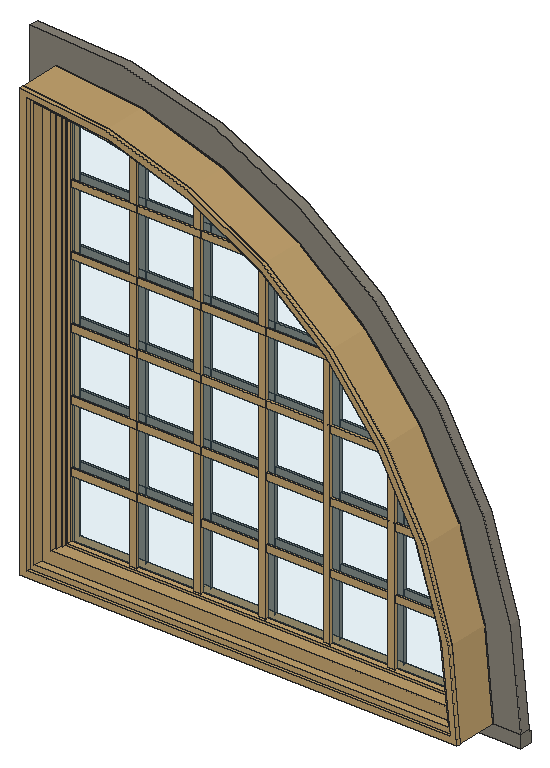
Revit family
Parameters (values of type "CUCART7")
  Window Type = "Clad Ultimate Casement Round Top RT7"
  URL = "www.marvin.com"
  Subsill Height_2 = if(Subsill A217, 0' 1 11/32", 0' 0 9/16")  # 0' - 1 11/32"
  Subsill Height = if(Subsill A217 Visibility, 0' 1 11/32", if(Subsill A246 Visibility, 0' 0 9/16", 0' 0"))  # 0' - 1 11/32"
  Subsill A246 Visibility = and(Subsill Visibility, Subsill A246)  # no
  Subsill A217 Visibility = and(Subsill Visibility, Subsill A217)  # yes
  Plan Swing Visibility [instance] = yes
  Plan Swing Angle [instance] = 15.00°
  Muntins Interior Visibility = yes
  Muntins Interior Material = Wood-Marvin-Pine
  Muntins Exterior Visibility = yes
  Muntins Exterior Material = Aluminum-Marvin-Bronze
  Mask Offset [instance] = if(Inset to Installation Flange = 0' 1 3/32", 0' 0 1/32", 0' 0")  # 0' - 0"
  Lites Wide = 6
  Lites High = 6
  Interior Material = Wood-Marvin-Pine
  Frame = "Aluminum Clad"
  Flat Casing Visibility = and(Casing Visibility, Flat Casing)  # yes
  Elev Swing Visibility [instance] = yes
  Design Pressure = "DP50"
  Daylight Area = (3.1416 * DLO Radius ^ 2) / 4 - (0' 2 29/32" * DLO Width)  # 10.2393 SF
  Cladding Material = Aluminum-Marvin-Bronze
  Casing Width_2 = if(BMC, 0' 1 5/16", 0' 3")  # 0' - 3"
  Casing Visibility = yes
  Subsill Visibility = yes
  BMC Visibility = and(Casing Visibility, BMC)  # no
  BMC = no
  Flat Casing = not(BMC)  # yes
  Subsill A246 = no
  Subsill A217 = not(Subsill A246)  # yes
  Glazing Material = Glass-Marvin-IG Low E II with Argon
  Radius = Nominal Height  # 4' - 0"
  Nominal Width = 4' - 0"
  Nominal Height = Nominal Width  # 4' - 0"
  Model = "CUCART7"
  Mask [instance] = Inset to Installation Flange > 0' 1 3/32"  # no
  Manufacturer = "Marvin Windows and Doors"
  Label Visibility = no
  Glass Type = "IG Low E II with Argon"
  Family created by = "www.rbuiltcomponents.com"
  Rough Width = Width + 0' 1"  # 4' - 1"
  Rough Height = Height + 0' 0 1/2"  # 4' - 0 1/2"
  Jamb Extension Visibility = yes
  Inset to Installation Flange [instance] = 0' - 1"
  Height = Nominal Height  # 4' - 0"
  Description = "CSMT RT7"
  Default Head Height = 8' - 0"
  Wall Closure = (empty or 0)
  Width = Nominal Width  # 4' - 0"
  DLO Radius = Radius - 0' 2 29/32"  # 3' - 9 3/32"
  DLO Width = Width - 0' 5 13/16"  # 3' - 6 3/16"
  DLO Height = Height - 0' 5 13/16"  # 3' - 6 3/16"
  Casing Width = if(BMC Visibility, 0' 1 5/16", if(Flat Casing Visibility, 0' 3", 0' 0"))  # 0' - 3"
  Casing Radius = Radius + Casing Width  # 4' - 3"
  Assembly Code = ""
Reference planes (in)
  plane 1 "Center (Front/Back)": y = 0
  plane 2: z = 0
  plane 3 "Center (Left/Right)": x = -3
  plane 4 "Left": x = -27
  plane 5 "Right": x = 21
  plane 6 "Sill": z = 48
  plane 7 "Top": z = 96
  plane 8 "Inset": y = 2
  plane 9 "Glazing": y = 1.53125
  plane 10 "Jamb Ext Face": y = -2.5625
  plane 11: z = 72
  plane 12: y = -2.59375
Forms (in)
  Sweep 1, solid, material "Wood-Marvin-Pine"
    path origin (0, 2, 0) x (1, 0, 0) y (0, 0, 1)
      loop
        line (-27, 48) -> (21, 48)
        arc (21, 48) -> (6.94113, 81.94113) -> (-27, 96) r 48
        line (-27, 96) -> (-27, 48)
    profile "Profile_Ext_Clad_Frame : Profile_Ext_Clad_Frame" origin (-3, 2, 48) x (0, 0, 1) y (0, -1, 0)
      loop
        line (0, 4.56199) -> (0, 0.0625) -> (0.0625, 0.0625) -> (0.0625, 0) -> (0, 0) -> (0, -1.09401) -> (0.52105, -1.09401) -> (0.6063, 0.125) -> (2.696, 0.125) -> (2.696, 0.22017) -> (2.90625, 0.43042) -> (2.90625, 0.47297) -> (2.208, 0.47297) -> (2.208, 1.50299) -> (2.90625, 1.50299) -> (2.90625, 1.66374) -> (2.677, 1.89299) -> (2.677, 2) -> (2.5005, 2) -> (2.5005, 2.34399) -> (2.313, 2.34399) -> (2.313, 2.87449) -> (2.1255, 2.87449) -> (2.1255, 3.53074) -> (1.188, 3.53074) -> (1.188, 4.56199) -> (0, 4.56199)
  Extrusion 2, solid, material "Glass-Marvin-IG Low E II with Argon" <- "Glazing Material"
    sketch origin (0, 1.53125, 0) x (1, 0, 0) y (0, 0, 1)
      loop
        line (-24.792, 50.208) -> (18.73874, 50.208)
        arc (18.73874, 50.208) -> (5.37983, 80.37983) -> (-24.792, 93.73874) r 45.792
        line (-24.792, 93.73874) -> (-24.792, 50.208)
    from 0 to 1.03424
  Extrusion 3, void
    sketch origin (0, 0, 0) x (1, 0, 0) y (0, 0, 1)
      loop
        line (-27, 48) -> (21, 48)
        arc (21, 48) -> (6.94113, 81.94113) -> (-27, 96) r 48
        line (-27, 96) -> (-27, 48)
    from -2 to 3
  Extrusion 4, void
    sketch origin (0, 0, 0) x (1, 0, 0) y (0, 0, 1)
      loop
        line (-30, 46.65625) -> (23.98229, 46.65625)
        arc (23.98229, 46.65625) -> (8.47158, 84.64379) -> (-30, 98.91169) r 51
        line (-30, 98.91169) -> (-30, 46.65625)
    from -2 to -3.12756
  Sweep 5, solid, material "Aluminum-Marvin-Bronze" <- "Cladding Material", visible <- "BMC Visibility"
    path origin (0, 2, 0) x (1, 0, 0) y (0, 0, 1)
      loop
        arc (21, 48) -> (6.94113, 81.94113) -> (-27, 96) r 48
        line (-27, 96) -> (-27, 48)
    profile "BMC_Clad : BMC_Clad" origin (6.94113, 2, 81.94113) x (-0.707107, 0, -0.707107) y (0, -1, 0)
      loop
        line (-0.71589, -1.25) -> (-0.38081, -1.09375) -> (0, -1.09375) -> (0, 0) -> (-1.3125, 0) -> (-1.3125, -1.25) -> (-0.71589, -1.25)
  Sweep 6, solid, material "Aluminum-Marvin-Bronze" <- "Cladding Material", visible <- "Flat Casing Visibility"
    path origin (0, 2, 0) x (1, 0, 0) y (0, 0, 1)
      loop
        arc (21, 48) -> (6.94113, 81.94113) -> (-27, 96) r 48
        line (-27, 96) -> (-27, 48)
    profile "Flat_Casing_Clad : Flat_Casing_Clad" origin (6.94113, 2, 81.94113) x (-0.707107, 0, -0.707107) y (0, -1, 0)
      loop
        line (-3, -1.09375) -> (0, -1.09375) -> (0, 0) -> (-3, 0) -> (-3, -1.09375)
  Sweep 7, solid, material "Aluminum-Marvin-Bronze" <- "Cladding Material", visible <- "Subsill Visibility"
    path origin (0, 2, 0) x (1, 0, 0) y (0, 0, 1)
      loop
        line (24, 48) -> (-30, 48)
    profile origin (-3, 2, 48) x (0, 0, -1) y (0, -1, 0)
      loop
        line (0, 0) -> (0, -1.09401) -> (0.15265, -1.09401) -> (0.1875, -1.34375) -> (1.34375, -1.34375) -> (1.34375, 0) -> (0, 0)
  Extrusion 8, solid, material "Wood-Marvin-Pine" <- "Interior Material", visible <- "Jamb Extension Visibility"
    sketch origin (0, -2.5625, 0) x (1, 0, 0) y (0, 0, 1)
      loop
        arc (21, 48) -> (6.94113, 81.94113) -> (-27, 96) r 48
        line (-27, 96) -> (-27, 48) -> (21, 48)
      loop
        arc (20.3075, 48.6875) -> (6.45499, 81.45499) -> (-26.3125, 95.3075) r 47.3125
        line (-26.3125, 95.3075) -> (-26.3125, 48.6875) -> (20.3075, 48.6875)
    from 0.4375 to 0.03125
  Sweep 9, solid, material "Wood-Marvin-Pine"
    path origin (0, -2.5625, 0) x (1, 0, 0) y (0, 0, 1)
      loop
        line (-24.8745, 50.1255) -> (19, 50.1255)
    profile "Profile_Sill_Close : Profile_Sill_Close" origin (-2.93725, -2.5625, 50.1255) x (0, 0, 1) y (0, -1, 0)
      loop
        line (0, -1.03125) -> (0, -1.6875) -> (0.1875, -1.6875) -> (0.1875, -2.218) -> (0.375, -2.218) -> (0.375, -1.03125) -> (0, -1.03125)
Cuts and joins
  joined: Sweep 1, Sweep 9
Lines and regions (in)
  Masking region 1
    outline origin (0, 0, 48) x (0, -1, 0) y (1, 0, 0)
      loop
        line (-3.09401, -27) -> (2.5625, -27) -> (2.5625, 21) -> (-3.09401, 21) -> (-3.09401, -27)
  Masking region 2
    outline origin (-3, 0, 0) x (0, 1, 0) y (0, 0, 1)
      loop
        line (3.09375, 96) -> (-2.5625, 96) -> (-2.5625, 48) -> (3.09375, 48) -> (3.09375, 96)
  Masking region 3, visible <- "Mask"
    outline origin (0, 0, 48) x (0, -1, 0) y (1, 0, 0)
      loop
        line (-3.09401, -30) -> (-3, -30) -> (-3, 24) -> (-3.09401, 24) -> (-3.09401, -30)
  Masking region 4, visible <- "Mask"
    outline origin (-3, 0, 0) x (0, 1, 0) y (0, 0, 1)
      loop
        line (3.09375, 99) -> (3, 99) -> (3, 46.65625) -> (3.09375, 46.65625) -> (3.09375, 99)
  Masking region 5, visible <- "Casing Visibility"
    outline origin (0, 0, 48) x (0, -1, 0) y (1, 0, 0)
      loop
        line (-3.09401, -30) -> (-2, -30) -> (-2, -27) -> (-3.09401, -27) -> (-3.09401, -30)
      loop
        line (-3.09401, 21) -> (-2, 21) -> (-2, 24) -> (-3.09401, 24) -> (-3.09401, 21)
  Masking region 6, visible <- "Subsill Visibility"
    outline origin (-3, 0, 0) x (0, 1, 0) y (0, 0, 1)
      loop
        line (3.34375, 46.65625) -> (3.34375, 47.8125) -> (3.09401, 47.84735) -> (3.09401, 48) -> (2, 48) -> (2, 46.65625) -> (3.34375, 46.65625)
  Masking region 7, visible <- "Casing Visibility"
    outline origin (-3, 0, 0) x (0, 1, 0) y (0, 0, 1)
      loop
        line (3.09375, 99) -> (2, 99) -> (2, 96) -> (3.09375, 96) -> (3.09375, 99)
  Masking region 8
    outline origin (0, 0, 48) x (0, -1, 0) y (1, 0, 0)
      loop
        line (2.59375, -27) -> (3, -27) -> (3, 21) -> (2.59375, 21) -> (2.59375, -27)
  Masking region 9
    outline origin (-3, 0, 0) x (0, 1, 0) y (0, 0, 1)
      loop
        line (-2.59375, 96) -> (-3, 96) -> (-3, 48) -> (-2.59375, 48) -> (-2.59375, 96)
  symbolic lines, style "Jamb Extension", visible <- "Jamb Extension Visibility", detail levels fine
    curve 1: line (-3, -3, 95.3125) -> (-3, -2.59375, 95.3125)
    curve 2: line (-3, -3, 48.6875) -> (-3, -2.59375, 48.6875)
    curve 48: line (-26.3125, -2.59375, 48) -> (-26.3125, -3, 48)
    curve 49: line (20.30026, -3, 48) -> (20.30026, -2.59375, 48)
    curve 50: line (21, -3, 48) -> (20.30026, -3, 48)
    curve 51: line (-26.3125, -3, 48) -> (-27, -3, 48)
  symbolic lines, style "WindowsFrameMullionProjection", detail levels coarse+medium
    curve 3: line (21, -2.5625, 48) -> (19.812, -2.5625, 48)
    curve 4: line (19.812, -2.5625, 48) -> (19.812, 3.09401, 48)
    curve 5: line (19.812, 3.09401, 48) -> (21, 3.09401, 48)
    curve 6: line (19.812, 1.875, 48) -> (18.09375, 1.875, 48)
    curve 7: line (18.09375, 1.875, 48) -> (18.09375, 0, 48)
    curve 8: line (-25.812, 0, 48) -> (-24.09375, 0, 48)
    curve 9: line (-27, -2.5625, 48) -> (-25.812, -2.5625, 48)
    curve 10: line (-25.812, -2.5625, 48) -> (-25.812, 3.09401, 48)
    curve 11: line (-25.812, 3.09401, 48) -> (-27, 3.09401, 48)
    curve 12: line (-24.09375, 1.875, 48) -> (-24.09375, 0, 48)
    curve 13: line (-3, 3.09401, 96) -> (-3, 3.09401, 94.812)
    curve 14: line (-3, 3.09401, 94.812) -> (-3, -2.5625, 94.812)
    curve 15: line (-3, -2.5625, 94.812) -> (-3, -2.5625, 96)
    curve 16: line (-3, 1.875, 94.812) -> (-3, 1.875, 93.09375)
    curve 17: line (-3, 1.875, 93.09375) -> (-3, 0, 93.09375)
    curve 18: line (-3, 0, 49.188) -> (-3, 0, 50.90625)
    curve 19: line (-3, 3.09401, 48) -> (-3, 3.09401, 49.188)
    curve 20: line (-3, 3.09401, 49.188) -> (-3, -2.5625, 49.188)
    curve 21: line (-3, -2.5625, 49.188) -> (-3, -2.5625, 48)
    curve 22: line (-3, 1.875, 50.90625) -> (-3, 0, 50.90625)
    curve 23: line (18.09375, 1.875, 48) -> (-24.09375, 1.875, 48)
    curve 24: line (18.09375, 0, 48) -> (19.812, 0, 48)
    curve 25: line (-24.09375, 1.875, 48) -> (-25.812, 1.875, 48)
    curve 26: line (-3, 0, 50.90625) -> (-3, 0, 93.09375)
    curve 27: line (-3, 1.875, 50.90625) -> (-3, 1.875, 49.188)
    curve 28: line (-3, 0, 93.09375) -> (-3, 0, 94.812)
    curve 29: line (-3, 1.875, 93.09375) -> (-3, 1.875, 50.90625)
    curve 37: line (-24.09375, 0, 48) -> (18.09375, 0, 48)
    curve 72: line (-3, -3, 96) -> (-3, 3.09375, 96)
    curve 83: line (-27, 3.09375, 48) -> (-27, -3, 48)
    curve 84: line (21, -3, 48) -> (21, 3.09375, 48)
  symbolic lines, style "Jamb Extension", visible <- "Jamb Extension Visibility"
    curve 30: line (-3, -3, 48.6875) -> (-3, -3, 48)
    curve 31: line (-3, -3, 95.3125) -> (-3, -3, 96)
  symbolic lines, style "WindowsFrameMullionProjection", visible <- "Jamb Extension Visibility", detail levels coarse+medium
    curve 32: line (-3, -2.59375, 95.3125) -> (-3, -3, 95.3125)
    curve 33: line (-3, -3, 95.3125) -> (-3, -3, 96)
    curve 34: line (-3, -2.59375, 48.6875) -> (-3, -3, 48.6875)
    curve 35: line (-3, -3, 48.6875) -> (-3, -3, 48)
    curve 52: line (-26.3125, -2.59375, 48) -> (-26.3125, -3, 48)
    curve 53: line (-27, -3, 48) -> (-26.3125, -3, 48)
    curve 54: line (20.30026, -3, 48) -> (20.30026, -2.59375, 48)
    curve 55: line (20.30026, -3, 48) -> (21, -3, 48)
  symbolic lines, style "WindowsGlassProjection", detail levels coarse+medium
    curve 36: line (-24.09375, 0.9375, 48) -> (18.09375, 0.9375, 48)
    curve 68: line (-3, 0.9375, 50.90625) -> (-3, 0.9375, 93.09375)
  symbolic lines, style "Jamb Extension", visible <- "BMC Visibility", detail levels fine
    curve 38: line (-28.3125, 3.25, 48) -> (-27.71589, 3.25, 48)
    curve 39: line (-27.71589, 3.25, 48) -> (-27.38081, 3.09375, 48)
    curve 40: line (-28.3125, 3.09401, 48) -> (-28.3125, 3.25, 48)
    curve 41: line (21.71589, 3.25, 48) -> (22.3125, 3.25, 48)
    curve 42: line (21.38081, 3.09375, 48) -> (21.71589, 3.25, 48)
    curve 43: line (22.3125, 3.25, 48) -> (22.3125, 3.09401, 48)
    curve 44: line (-27.38081, 3.09375, 48) -> (-27, 3.09375, 48)
    curve 45: line (21.38081, 3.09375, 48) -> (21, 3.09375, 48)
    curve 74: line (-3, 3.25, 96.65144) -> (-3, 3.25, 99)
    curve 75: line (-3, 3.09375, 96) -> (-3, 3.09375, 96.38081)
    curve 76: line (-3, 3.09375, 96.38081) -> (-3, 3.25, 96.65144)
    curve 77: line (-3, 3.25, 99) -> (-3, 3.09375, 99)
  symbolic lines, style "Jamb Extension", visible <- "Flat Casing Visibility", detail levels fine
    curve 46: line (-27, 3.09401, 48) -> (-30, 3.09401, 48)
    curve 47: line (24, 3.09401, 48) -> (21, 3.09401, 48)
    curve 81: line (-3, 3.09375, 96) -> (-3, 3.09375, 99)
    curve 82: line (-3, 3.09375, 99) -> (-3, 2, 99)
  symbolic lines, style "WindowsFrameMullionProjection", visible <- "BMC Visibility", detail levels coarse+medium
    curve 56: line (-28.3125, 2, 48) -> (-28.3125, 3.25, 48)
    curve 57: line (-28.3125, 3.25, 48) -> (-27.71589, 3.25, 48)
    curve 58: line (-27.71589, 3.25, 48) -> (-27.38081, 3.09375, 48)
    curve 59: line (-27.38081, 3.09375, 48) -> (-27, 3.09375, 48)
    curve 60: line (22.3125, 3.25, 48) -> (22.3125, 2, 48)
    curve 61: line (21.38081, 3.09375, 48) -> (21.71589, 3.25, 48)
    curve 62: line (21.71589, 3.25, 48) -> (22.3125, 3.25, 48)
    curve 63: line (21, 3.09375, 48) -> (21.38081, 3.09375, 48)
    curve 69: line (-3, 3.25, 96.65144) -> (-3, 3.25, 99)
    curve 70: line (-3, 3.09375, 96) -> (-3, 3.09375, 96.38081)
    curve 71: line (-3, 3.09375, 96.38081) -> (-3, 3.25, 96.65144)
    curve 73: line (-3, 3.25, 99) -> (-3, 2, 99)
  symbolic lines, style "WindowsFrameMullionProjection", visible <- "Flat Casing Visibility", detail levels coarse+medium
    curve 64: line (24, 3.09401, 48) -> (21, 3.09401, 48)
    curve 65: line (24, 3.09401, 48) -> (24, 2, 48)
    curve 66: line (-30, 2, 48) -> (-30, 3.09401, 48)
    curve 67: line (-27, 3.09401, 48) -> (-30, 3.09401, 48)
    curve 79: line (-3, 3.09375, 96) -> (-3, 3.09375, 99)
    curve 80: line (-3, 3.09375, 99) -> (-3, 2, 99)
  symbolic lines, style "WindowsFrameMullionProjection", visible <- "Casing Visibility", detail levels coarse+medium
    curve 78: line (-3, 2, 99) -> (-3, 2, 96)
  symbolic lines, style "WindowsFrameMullionProjection", visible <- "Subsill Visibility", detail levels coarse+medium
    curve 85: line (-3, 3.09401, 47.84735) -> (-3, 3.09401, 48)
    curve 86: line (-3, 3.34375, 47.8125) -> (-3, 3.09401, 47.84735)
    curve 87: line (-3, 3.34375, 46.65625) -> (-3, 3.34375, 47.8125)
    curve 88: line (-3, 2, 46.65625) -> (-3, 3.34375, 46.65625)
  reference lines
    curve 89: arc (21, 2, 48) -> (14.56922, 2, 72) -> (-3, 2, 89.56922) r 48
    curve 90: line (-3, 2, 48) -> (-3, 2, 89.56922)
  symbolic lines, style "Elevation Swing", visible <- "Elev Swing Visibility"
    curve 91: line (20.38983, 2, 48.6063) -> (-26.3937, 2, 71.99806)
    curve 92: line (-26.3937, 2, 71.99806) -> (-3, 2, 89.56922)
Text (in)
  text "EXTERIOR" at (-58.6888, 50.90694, 0), in view "Ref. Level"
  text "INTERIOR" at (-58.6888, -37.76638, 0), in view "Ref. Level"
  text "Exterior" at (0, 43.65631, 123.19604), in view "Left"
  text "Exterior" at (0, 18.29385, 125.04747), in view "Right"
Dimensions and locks (in)
  equal spacing: plane 4 "Left", plane 3 "Center (Left/Right)", plane 5 "Right"
  "Width": plane 4 "Left" to plane 5 "Right"
  "Inset to Installation Flange": host wall to plane 8 "Inset"
  locked: plane 9 "Glazing" to plane 8 "Inset" at 0.46875
  locked: plane 10 "Jamb Ext Face" to plane 8 "Inset" at 4.5625
  "Default Head Height": plane 2 to plane 7 "Top"
  locked: nested 2 to host wall at 12.00106
  locked: plane 9 "Glazing" to Extrusion 2 at 1.03424
  locked: curve 32 to plane 7 "Top" at 0.6875
  locked: plane 6 "Sill" to curve 34 at 0.6875
  "Casing Width": plane 5 "Right" to Sweep 7 sketch curve
  "Casing Width": Sweep 7 sketch curve to plane 4 "Left"
  locked: Sweep 7 sketch curve to Sweep 7 sketch curve at 1.34375
  "Casing Width": Masking region 3 sketch curve to plane 4 "Left"
  "Casing Width": plane 5 "Right" to Masking region 3 sketch curve
  "Casing Width_2": Masking region 5 sketch curve to plane 4 "Left"
  "Casing Width_2": plane 5 "Right" to Masking region 5 sketch curve
  locked: Extrusion 4 to host wall at 0.12756
  "Subsill Height": Masking region 4 sketch curve to plane 6 "Sill"
  "Casing Width": plane 7 "Top" to Masking region 4 sketch curve
  "Casing Width_2": plane 7 "Top" to Masking region 7 sketch curve
  locked: nested 5 to plane 9 "Glazing" at 1.03125
  "Subsill Height": Extrusion 4 sketch curve to plane 6 "Sill"
  "Height": plane 6 "Sill" to plane 7 "Top"
  equal spacing: plane 6 "Sill", plane 11, plane 7 "Top"
  locked: curve 56 to plane 4 "Left" at 1.3125
  locked: curve 58 to plane 4 "Left" at 0.71589
  locked: plane 4 "Left" to curve 52 at 0.6875
  plane 4 "Left" to curve 10 to curve 12 = 0' - 1.188" locked, 0' - 1.71825" locked
  locked: curve 8 to plane 9 "Glazing" at 1.53125
  locked: curve 24 to plane 9 "Glazing" at 1.53125
  plane 5 "Right" to curve 62 to curve 60 = 0' - 0.71589" locked, 0' - 0.59661" locked
  curve 7 to curve 4 to plane 5 "Right" = 0' - 1.71825" locked, 0' - 1.188" locked
  locked: curve 54 to plane 5 "Right" at 0.69974
  "Subsill Height_2": Sweep 7 sketch curve to plane 6 "Sill"
  "Casing Width": Extrusion 4 sketch curve to plane 4 "Left"
  locked: Extrusion 8 sketch curve to Extrusion 8 sketch curve at 0.6875
  locked: plane 4 "Left" to Extrusion 8 sketch curve at 0.6875
  locked: Sweep 9 sketch curve to plane 5 "Right" at 2
  locked: plane 12 to plane 10 "Jamb Ext Face" at 0.03125
  "Mask Offset": Masking region 3 sketch curve to host wall
  "Mask Offset": Masking region 4 sketch curve to host wall
  "Casing Radius": radius of Extrusion 4 sketch curve
  "Radius": radius of Sweep 6 sketch curve
  "Radius": radius of Sweep 5 sketch curve
  "Radius": radius of Extrusion 8 sketch curve
  "Radius": radius of Sweep 1 sketch curve
  "Radius": radius of curve 89
  aligned and locked: nested 1 to plane 3 "Center (Left/Right)"
  aligned and locked: plane 8 "Inset" to nested 1
  aligned and locked: plane 5 "Right" to Masking region 1 sketch curve
  aligned and locked: Masking region 1 sketch curve to plane 4 "Left"
  aligned and locked: plane 7 "Top" to Masking region 2 sketch curve
  aligned and locked: Masking region 2 sketch curve to plane 6 "Sill"
  aligned and locked: plane 3 "Center (Left/Right)" to nested 2
  aligned and locked: curve 21 to plane 10 "Jamb Ext Face"
  aligned and locked: plane 6 "Sill" to curve 30
  aligned and locked: curve 30 to host wall
  aligned and locked: host wall to curve 33
  aligned and locked: plane 6 "Sill" to curve 35
  aligned and locked: Extrusion 2 to plane 9 "Glazing"
  aligned and locked: plane 9 "Glazing" to Extrusion 2
  aligned and locked: nested 3 to plane 6 "Sill"
  aligned and locked: curve 14 to nested 3
  aligned and locked: curve 13 to nested 3
  aligned and locked: curve 16 to nested 3
  aligned and locked: curve 28 to nested 3
  aligned and locked: curve 17 to nested 3
  aligned and locked: curve 19 to nested 3
  aligned and locked: curve 20 to nested 3
  aligned and locked: curve 22 to nested 3
  aligned and locked: curve 27 to nested 3
  aligned and locked: nested 3 to curve 18
  aligned and locked: Extrusion 3 to plane 8 "Inset"
  aligned and locked: host wall to Extrusion 3
  aligned and locked: Sweep 7 sketch curve to plane 8 "Inset"
  aligned and locked: host wall to Extrusion 8
  aligned and locked: plane 4 "Left" to Masking region 5 sketch curve
  aligned and locked: Masking region 5 sketch curve to plane 8 "Inset"  (x2)
  aligned and locked: Masking region 5 sketch curve to plane 5 "Right"
  aligned and locked: curve 7 to curve 36
  aligned and locked: curve 12 to curve 37
  aligned and locked: curve 8 to curve 37
  aligned and locked: plane 5 "Right" to curve 45
  aligned and locked: curve 46 to Masking region 5
  aligned and locked: plane 8 "Inset" to Extrusion 4
  aligned and locked: Masking region 5 to curve 64
  aligned and locked: nested 3 to plane 8 "Inset"
  aligned and locked: Masking region 6 sketch curve to Sweep 7  (x6)
  aligned and locked: Masking region 7 sketch curve to plane 7 "Top"
  aligned and locked: Masking region 7 sketch curve to plane 8 "Inset"
  aligned and locked: curve 72 to nested 3
  aligned and locked: curve 73 to Masking region 7
  aligned and locked: nested 4 to plane 3 "Center (Left/Right)"
  aligned and locked: plane 3 "Center (Left/Right)" to nested 5
  aligned and locked: plane 9 "Glazing" to nested 4
  aligned and locked: curve 85 to Sweep 7
  aligned and locked: curve 86 to Sweep 7
  aligned and locked: curve 87 to Sweep 7
  aligned and locked: curve 88 to Sweep 7
  aligned and locked: plane 6 "Sill" to Sweep 7 sketch curve
  aligned and locked: Sweep 1 sketch curve to plane 6 "Sill"
  aligned and locked: Extrusion 3 sketch curve to plane 6 "Sill"
  aligned and locked: plane 11 to nested 4
  aligned and locked: nested 5 to plane 11
  aligned and locked: curve 66 to Masking region 5
  aligned and locked: plane 4 "Left" to curve 83
  aligned and locked: curve 25 to nested 1
  aligned and locked: curve 65 to Masking region 5
  aligned and locked: curve 6 to nested 1
  aligned and locked: Masking region 3 sketch curve to Sweep 7
  aligned and locked: Masking region 1 sketch curve to Sweep 7
  aligned and locked: curve 78 to plane 8 "Inset"
  aligned and locked: curve 79 to Masking region 7
  aligned and locked: curve 80 to Masking region 7
  aligned and locked: plane 7 "Top" to Sweep 1 sketch curve
  aligned and locked: plane 4 "Left" to Sweep 1 sketch curve
  aligned and locked: plane 6 "Sill" to Sweep 1 sketch curve
  aligned and locked: plane 5 "Right" to Sweep 1 sketch curve
  aligned and locked: plane 4 "Left" to Extrusion 3 sketch curve
  aligned and locked: plane 7 "Top" to Extrusion 3 sketch curve
  aligned and locked: plane 5 "Right" to Extrusion 3 sketch curve
  aligned and locked: plane 6 "Sill" to Extrusion 3 sketch curve
  aligned and locked: plane 4 "Left" to Sweep 6 sketch curve  (x2)
  aligned and locked: plane 7 "Top" to Sweep 6 sketch curve
  aligned and locked: plane 6 "Sill" to Sweep 6 sketch curve
  aligned and locked: plane 4 "Left" to Sweep 5 sketch curve  (x2)
  aligned and locked: plane 6 "Sill" to Sweep 5 sketch curve  (x2)
  aligned and locked: Extrusion 8 to Sweep 6 sketch curve
  aligned and locked: Sweep 6 sketch curve to plane 4 "Left"
  aligned and locked: Extrusion 8 to Sweep 5 sketch curve
  aligned and locked: Sweep 5 sketch curve to plane 4 "Left"
  aligned and locked: Extrusion 8 sketch curve to plane 4 "Left"
  aligned and locked: Sweep 9 sketch curve to Sweep 1  (x2)
  aligned and locked: Extrusion 2 sketch curve to cut or joined group of Sweep 1, Sweep 9
  aligned and locked: Masking region 5 sketch curve to Sweep 7  (x2)
  aligned and locked: Masking region 4 sketch curve to Sweep 6
  aligned and locked: Masking region 2 sketch curve to Sweep 6
  aligned and locked: Sweep 6 to Masking region 7 sketch curve
  aligned and locked: Sweep 5 to curve 74
  aligned and locked: plane 4 "Left" to Extrusion 4 sketch curve
  aligned and locked: plane 6 "Sill" to Extrusion 4 sketch curve
  aligned and locked: host wall to curve 84
  aligned and locked: plane 6 "Sill" to curve 89
  aligned and locked: plane 4 "Left" to curve 89
  aligned and locked: curve 90 to plane 3 "Center (Left/Right)"
  aligned and locked: plane 6 "Sill" to curve 90
  aligned and locked: curve 91 to cut or joined group of Sweep 1, Sweep 9
  aligned and locked: cut or joined group of Sweep 1, Sweep 9 to curve 91
  aligned and locked: curve 92 to curve 90
  aligned and locked: Extrusion 8 to curve 52
  aligned and locked: Extrusion 8 to curve 48
  aligned and locked: Extrusion 8 to curve 54
  aligned and locked: Extrusion 8 to curve 49
  aligned and locked: Masking region 1 sketch curve to plane 10 "Jamb Ext Face"
  aligned and locked: host wall to curve 53
  aligned and locked: Masking region 8 sketch curve to plane 4 "Left"
  aligned and locked: plane 5 "Right" to Masking region 8 sketch curve
  aligned and locked: plane 12 to Masking region 8 sketch curve
  aligned and locked: Masking region 8 sketch curve to host wall
  aligned and locked: Extrusion 8 to curve 32
  aligned and locked: Extrusion 8 to curve 1
  aligned and locked: Extrusion 8 to curve 34
  aligned and locked: Extrusion 8 to curve 2
  aligned and locked: Extrusion 8 to plane 12
  aligned and locked: Masking region 2 sketch curve to plane 10 "Jamb Ext Face"
  aligned and locked: plane 7 "Top" to Masking region 9 sketch curve
  aligned and locked: Masking region 9 sketch curve to plane 6 "Sill"
  aligned and locked: plane 12 to Masking region 9 sketch curve
  aligned and locked: Masking region 9 sketch curve to host wall
Automatic sketch dimensions
  Sweep 7 sketch curve to Sweep 7 sketch curve = 0' - 0.15265"
  Sweep 7 sketch curve to Sweep 7 sketch curve = 0' - 0.03485"
  Sweep 7 sketch curve to Sweep 7 sketch curve = 0' - 0.24974"
  Sweep 7 sketch curve to profile plane = 0' - 0"
  Extrusion 8 sketch curve to plane 7 "Top" = 0' - 0"
  plane 5 "Right" to Extrusion 8 sketch curve = 0' - 0.6925"
  Extrusion 8 sketch curve to Extrusion 8 sketch curve = 0' - 0"  (x2)
  Extrusion 2 sketch curve to plane 4 "Left" = 0' - 2.208"
  Extrusion 2 sketch curve to plane 6 "Sill" = 0' - 2.208"
  curve 92 to plane 3 "Center (Left/Right)" = 0' - 0"
  plane 11 to curve 92 = 0' - 0.00194"
  plane 5 "Right" to curve 91 = 0' - 0.61017"
  curve 56 to plane 8 "Inset" = 0' - 0"
  curve 65 to plane 8 "Inset" = 0' - 0"
  curve 66 to plane 8 "Inset" = 0' - 0"
  curve 60 to plane 8 "Inset" = 0' - 0"
  curve 3 to plane 10 "Jamb Ext Face" = 0' - 0"
  curve 9 to plane 10 "Jamb Ext Face" = 0' - 0"
  curve 11 to plane 4 "Left" = 0' - 0"
  curve 5 to plane 5 "Right" = 0' - 0"
  curve 38 to curve 40 = 0' - 0.15599"
  curve 62 to curve 43 = 0' - 0.15599"
  curve 38 to curve 39 = 0' - 0 5/32"
  curve 41 to curve 61 = 0' - 0 5/32"
  plane 9 "Glazing" to curve 36 = 0' - 0 19/32"
  curve 38 to curve 44 = 0' - 0.33508"
  curve 63 to curve 41 = 0' - 0.33508"
  curve 15 to plane 10 "Jamb Ext Face" = 0' - 0"
  curve 88 to plane 8 "Inset" = 0' - 0"
  curve 21 to plane 6 "Sill" = 0' - 0"
  curve 85 to plane 6 "Sill" = 0' - 0"
  curve 13 to plane 7 "Top" = 0' - 0"
  curve 78 to plane 7 "Top" = 0' - 0"
  plane 9 "Glazing" to curve 68 = 0' - 0 19/32"
  curve 71 to plane 7 "Top" = 0' - 0.38081"
  curve 70 to curve 69 = 0' - 0.27063"
Nested families (in)
  nested 1: "Roundtop_Plan_Detail" at (-3, 2, 48) x (-1, 0, 0) z (0, 0, -1), type "Roundtop_Plan_Detail"
    with Width 4' - 0", Plan Swing Length 3' - 9 5/8", Plan Swing LH no
  nested 2: "Label Annotation 1-16 w4" at (-3, 15.00106, 0), visible <- "Label Visibility", type "Label Annotation 1-16 w4"
    with Nominal Width 4' - 0", Nominal Height 4' - 0"
  nested 3: "Roundtop_Section_Detail" at (-3, 2, 48) x (0, -1, 0) z (1, 0, 0), type "Roundtop_Section_Detail", detail levels fine
    with Height 4' - 0"
  nested 4: "Muntins" at (-3, 1.53125, 14.90625), Muntin Material <- "Muntins Exterior Material", visible <- "Muntins Exterior Visibility", type "Muntins"
    with Muntin Material Aluminum-Marvin-Bronze, MuntinDepth 0' - 0 1/4"
  nested 5: "Muntins" at (-3, 0.5, 14.90625), Muntin Material <- "Muntins Interior Material", visible <- "Muntins Interior Visibility", type "Muntins"
    with Muntin Material Wood-Marvin-Pine, MuntinDepth 0' - 0 1/4"
Definition of nested family "Muntins"
  Parameters (values of type "Muntins")
    Springline = 4' - 3 1/8"
    GlazingWidth = 3' - 6 3/16"
    GlazingHeight = 3' - 6 3/16"
    Width = GlazingWidth + 0' 0 7/16"  # 3' - 6 5/8"
    VerticalMuntins = if(LitesHorizontal < 3, 2, LitesHorizontal - 1)  # 5
    VertMuntVisible = LitesHorizontal > 2  # yes
    MuntinWidth = 0' - 0 3/4"
    MuntinDepth = 0' - 0 9/32"
    Muntin Material [instance] = none
    LitesVertical = 6
    LitesHorizontal = 6
    HorizontalMuntins = if(LitesVertical < 3, 2, LitesVertical - 1)  # 5
    HorizMuntVisible = LitesVertical > 2  # yes
    Height = GlazingHeight + 0' 0 7/16"  # 3' - 6 5/8"
    Inset Vert = if(LitesHorizontal < 3, (Width / 3) - (MuntinWidth / 2), (Width / LitesHorizontal) - (MuntinWidth / 2))  # 0' - 6.72917"
    Inset Horiz = if(LitesVertical < 3, (Height / 3) - (MuntinWidth / 2), (Height / LitesVertical) - (MuntinWidth / 2))  # 0' - 6.72917"
    CenterMuntinVertical = LitesHorizontal = 2  # no
    CenterMuntinHorizontal = LitesVertical = 2  # no
    Assembly Code = ""
  Reference planes (in)
    plane 1 "Center (Front/Back)": y = 0
    plane 2: z = 0
    plane 3 "Center (Left/Right)": x = 0
    plane 4: z = 35.78125
    plane 5: z = 57.09375
    plane 6: z = 78.40625
    plane 7: z = 71.67708
    plane 8: z = 42.51042
    plane 9: z = 78.1875
    plane 10: z = 36
    plane 11: x = -21.09375
    plane 12: x = 21.09375
    plane 13: x = -14.58333
    plane 14: x = -21.3125
    plane 15: x = 21.3125
    plane 16: x = 14.58333
    plane 17: z = 33.09375
    plane 18: x = -24
  Forms (in)
    Extrusion 1, solid, material <- "Muntin Material", visible <- "CenterMuntinVertical", detail levels medium+fine
      sketch origin (9, 0, 0) x (1, 0, 0) y (0, 0, 1)
        loop
          line (-9.375, 78.40625) -> (-9.375, 35.78125) -> (-8.625, 35.78125) -> (-8.625, 78.40625) -> (-9.375, 78.40625)
      from 0 to 0.28125 <- "MuntinDepth"
    Extrusion 2, solid, material <- "Muntin Material", visible <- "CenterMuntinHorizontal", detail levels medium+fine
      sketch origin (-0.0013, 0, 14.6875) x (1, 0, 0) y (0, 0, 1)
        loop
          line (-21.3112, 42.78125) -> (-21.3112, 42.03125) -> (21.3138, 42.03125) -> (21.3138, 42.78125) -> (-21.3112, 42.78125)
      from 0 to 0.28125 <- "MuntinDepth"
    Extrusion 3, solid, material <- "Muntin Material", visible <- "VertMuntVisible", detail levels medium+fine
      sketch origin (-4.19345, 0, -2.90625) x (1, 0, 0) y (0, 0, 1)
        loop
          line (-10.38988, 81.3125) -> (-10.38988, 38.6875) -> (-9.63988, 38.6875) -> (-9.63988, 81.3125) -> (-10.38988, 81.3125)
      from 0 to 0.28125 <- "MuntinDepth"
    Extrusion 4, solid, material <- "Muntin Material", visible <- "HorizMuntVisible", detail levels medium+fine
      sketch origin (5.9974, 0, -3.3869) x (1, 0, 0) y (0, 0, 1)
        loop
          line (-27.3099, 46.64732) -> (-27.3099, 45.89732) -> (15.3151, 45.89732) -> (15.3151, 46.64732) -> (-27.3099, 46.64732)
      from 0 to 0.28125 <- "MuntinDepth"
    Extrusion 5, void
      sketch origin (0, 0, 0) x (1, 0, 0) y (0, 0, 1)
        loop
          line (21.3125, 33.09375) -> (45.3125, 33.09375) -> (45.3125, 102.40625) -> (-24, 102.40625) -> (-24, 78.40625)
          arc (-24, 78.40625) -> (8.04078, 65.13453) -> (21.3125, 33.09375) r 45.3125
      from -1 to 1
    Extrusion 6, solid, material <- "Muntin Material", visible <- "CenterMuntinVertical", detail levels coarse
      sketch origin (9, 0, 0) x (1, 0, 0) y (0, 0, 1)
        loop
          line (-9.03125, 78.40625) -> (-9.03125, 35.78125) -> (-8.96875, 35.78125) -> (-8.96875, 78.40625) -> (-9.03125, 78.40625)
      from 0 to 0.0625
    Extrusion 7, solid, material <- "Muntin Material", visible <- "VertMuntVisible", detail levels coarse
      sketch origin (-4.20908, 0, 0) x (1, 0, 0) y (0, 0, 1)
        loop
          line (-10.01488, 78.40625) -> (-10.01488, 35.78125) -> (-9.98363, 35.78125) -> (-9.98363, 78.40625) -> (-10.01488, 78.40625)
      from 0 to 0.0625
    Extrusion 8, solid, material <- "Muntin Material", visible <- "CenterMuntinHorizontal", detail levels coarse
      sketch origin (-0.0013, 0, 14.6875) x (1, 0, 0) y (0, 0, 1)
        loop
          line (-21.3112, 42.4375) -> (-21.3112, 42.375) -> (21.3138, 42.375) -> (21.3138, 42.4375) -> (-21.3112, 42.4375)
      from 0 to 0.0625
    Extrusion 9, solid, material <- "Muntin Material", visible <- "HorizMuntVisible", detail levels coarse
      sketch origin (-0.0013, 0, -6.02753) x (1, 0, 0) y (0, 0, 1)
        loop
          line (-21.3112, 48.95982) -> (-21.3112, 48.89732) -> (21.3138, 48.89732) -> (21.3138, 48.95982) -> (-21.3112, 48.95982)
      from 0 to 0.0625
    Extrusion 10, solid, material <- "Muntin Material", visible <- "VertMuntVisible", detail levels medium+fine
      sketch origin (24.22321, 0, -2.90625) x (1, 0, 0) y (0, 0, 1)
        loop
          line (-10.38988, 81.3125) -> (-10.38988, 38.6875) -> (-9.63988, 38.6875) -> (-9.63988, 81.3125) -> (-10.38988, 81.3125)
      from 0 to 0.28125 <- "MuntinDepth"
    Extrusion 11, solid, material <- "Muntin Material", visible <- "VertMuntVisible", detail levels coarse
      sketch origin (24.20759, 0, 0) x (1, 0, 0) y (0, 0, 1)
        loop
          line (-10.01488, 78.40625) -> (-10.01488, 35.78125) -> (-9.98363, 35.78125) -> (-9.98363, 78.40625) -> (-10.01488, 78.40625)
      from 0 to 0.0625
    Extrusion 12, solid, material <- "Muntin Material", visible <- "VertMuntVisible", detail levels medium+fine
      sketch origin (2.91071, 0, -2.90625) x (1, 0, 0) y (0, 0, 1)
        loop
          line (-10.38988, 81.3125) -> (-10.38988, 38.6875) -> (-9.63988, 38.6875) -> (-9.63988, 81.3125) -> (-10.38988, 81.3125)
      from 0 to 0.28125 <- "MuntinDepth"
    Extrusion 13, solid, material <- "Muntin Material", visible <- "VertMuntVisible", detail levels coarse
      sketch origin (2.89509, 0, 0) x (1, 0, 0) y (0, 0, 1)
        loop
          line (-10.01488, 78.40625) -> (-10.01488, 35.78125) -> (-9.98363, 35.78125) -> (-9.98363, 78.40625) -> (-10.01488, 78.40625)
      from 0 to 0.0625
    Extrusion 14, solid, material <- "Muntin Material", visible <- "HorizMuntVisible", detail levels medium+fine
      sketch origin (5.9974, 0, 25.02976) x (1, 0, 0) y (0, 0, 1)
        loop
          line (-27.3099, 46.64732) -> (-27.3099, 45.89732) -> (15.3151, 45.89732) -> (15.3151, 46.64732) -> (-27.3099, 46.64732)
      from 0 to 0.28125 <- "MuntinDepth"
    Extrusion 15, solid, material <- "Muntin Material", visible <- "HorizMuntVisible", detail levels coarse
      sketch origin (-0.0013, 0, 22.38914) x (1, 0, 0) y (0, 0, 1)
        loop
          line (-21.3112, 48.95982) -> (-21.3112, 48.89732) -> (21.3138, 48.89732) -> (21.3138, 48.95982) -> (-21.3112, 48.95982)
      from 0 to 0.0625
    Extrusion 16, solid, material <- "Muntin Material", visible <- "VertMuntVisible", detail levels medium+fine
      sketch origin (10.01488, 0, -2.90625) x (1, 0, 0) y (0, 0, 1)
        loop
          line (-10.38988, 81.3125) -> (-10.38988, 38.6875) -> (-9.63988, 38.6875) -> (-9.63988, 81.3125) -> (-10.38988, 81.3125)
      from 0 to 0.28125 <- "MuntinDepth"
    Extrusion 17, solid, material <- "Muntin Material", visible <- "VertMuntVisible", detail levels coarse
      sketch origin (9.99926, 0, 0) x (1, 0, 0) y (0, 0, 1)
        loop
          line (-10.01488, 78.40625) -> (-10.01488, 35.78125) -> (-9.98363, 35.78125) -> (-9.98363, 78.40625) -> (-10.01488, 78.40625)
      from 0 to 0.0625
    Extrusion 18, solid, material <- "Muntin Material", visible <- "HorizMuntVisible", detail levels medium+fine
      sketch origin (5.9974, 0, 3.71726) x (1, 0, 0) y (0, 0, 1)
        loop
          line (-27.3099, 46.64732) -> (-27.3099, 45.89732) -> (15.3151, 45.89732) -> (15.3151, 46.64732) -> (-27.3099, 46.64732)
      from 0 to 0.28125 <- "MuntinDepth"
    Extrusion 19, solid, material <- "Muntin Material", visible <- "HorizMuntVisible", detail levels coarse
      sketch origin (-0.0013, 0, 1.07664) x (1, 0, 0) y (0, 0, 1)
        loop
          line (-21.3112, 48.95982) -> (-21.3112, 48.89732) -> (21.3138, 48.89732) -> (21.3138, 48.95982) -> (-21.3112, 48.95982)
      from 0 to 0.0625
    Extrusion 20, solid, material <- "Muntin Material", visible <- "VertMuntVisible", detail levels medium+fine
      sketch origin (17.11905, 0, -2.90625) x (1, 0, 0) y (0, 0, 1)
        loop
          line (-10.38988, 81.3125) -> (-10.38988, 38.6875) -> (-9.63988, 38.6875) -> (-9.63988, 81.3125) -> (-10.38988, 81.3125)
      from 0 to 0.28125 <- "MuntinDepth"
    Extrusion 21, solid, material <- "Muntin Material", visible <- "VertMuntVisible", detail levels coarse
      sketch origin (17.10342, 0, 0) x (1, 0, 0) y (0, 0, 1)
        loop
          line (-10.01488, 78.40625) -> (-10.01488, 35.78125) -> (-9.98363, 35.78125) -> (-9.98363, 78.40625) -> (-10.01488, 78.40625)
      from 0 to 0.0625
    Extrusion 22, solid, material <- "Muntin Material", visible <- "HorizMuntVisible", detail levels medium+fine
      sketch origin (5.9974, 0, 10.82143) x (1, 0, 0) y (0, 0, 1)
        loop
          line (-27.3099, 46.64732) -> (-27.3099, 45.89732) -> (15.3151, 45.89732) -> (15.3151, 46.64732) -> (-27.3099, 46.64732)
      from 0 to 0.28125 <- "MuntinDepth"
    Extrusion 23, solid, material <- "Muntin Material", visible <- "HorizMuntVisible", detail levels coarse
      sketch origin (-0.0013, 0, 8.1808) x (1, 0, 0) y (0, 0, 1)
        loop
          line (-21.3112, 48.95982) -> (-21.3112, 48.89732) -> (21.3138, 48.89732) -> (21.3138, 48.95982) -> (-21.3112, 48.95982)
      from 0 to 0.0625
    Extrusion 24, solid, material <- "Muntin Material", visible <- "HorizMuntVisible", detail levels medium+fine
      sketch origin (5.9974, 0, 17.9256) x (1, 0, 0) y (0, 0, 1)
        loop
          line (-27.3099, 46.64732) -> (-27.3099, 45.89732) -> (15.3151, 45.89732) -> (15.3151, 46.64732) -> (-27.3099, 46.64732)
      from 0 to 0.28125 <- "MuntinDepth"
    Extrusion 25, solid, material <- "Muntin Material", visible <- "HorizMuntVisible", detail levels coarse
      sketch origin (-0.0013, 0, 15.28497) x (1, 0, 0) y (0, 0, 1)
        loop
          line (-21.3112, 48.95982) -> (-21.3112, 48.89732) -> (21.3138, 48.89732) -> (21.3138, 48.95982) -> (-21.3112, 48.95982)
      from 0 to 0.0625
  Cuts and joins
    Extrusion 5 cuts Extrusion 3
    Extrusion 5 cuts Extrusion 7
    Extrusion 5 cuts Extrusion 10
    Extrusion 5 cuts Extrusion 11
    Extrusion 5 cuts Extrusion 12
    Extrusion 5 cuts Extrusion 13
    Extrusion 5 cuts Extrusion 16
    Extrusion 5 cuts Extrusion 17
    Extrusion 5 cuts Extrusion 14
    Extrusion 5 cuts Extrusion 15
    Extrusion 5 cuts Extrusion 2
    Extrusion 5 cuts Extrusion 8
    Extrusion 5 cuts Extrusion 4
    Extrusion 5 cuts Extrusion 9
    Extrusion 5 cuts Extrusion 18
    Extrusion 5 cuts Extrusion 19
    Extrusion 5 cuts Extrusion 20
    Extrusion 5 cuts Extrusion 21
    Extrusion 5 cuts Extrusion 1
    Extrusion 5 cuts Extrusion 6
    Extrusion 5 cuts Extrusion 22
    Extrusion 5 cuts Extrusion 23
    Extrusion 5 cuts Extrusion 24
    Extrusion 5 cuts Extrusion 25
  Dimensions and locks (in)
    "Inset Horiz": plane 6 to plane 7
    "Inset Horiz": plane 8 to plane 4
    equal spacing: plane 6, plane 5, plane 4
    "Height": plane 6 to plane 4
    "GlazingHeight": plane 9 to plane 10
    equal spacing: plane 9, plane 5, plane 10
    "GlazingWidth": plane 12 to plane 11
    equal spacing: plane 12, plane 3 "Center (Left/Right)", plane 11
    "MuntinWidth": Extrusion 1 sketch curve to Extrusion 1 sketch curve
    "Height": Extrusion 1 sketch curve to Extrusion 1 sketch curve
    "MuntinWidth": Extrusion 2 sketch curve to Extrusion 2 sketch curve
    "Width": Extrusion 2 sketch curve to Extrusion 2 sketch curve
    "MuntinWidth": Extrusion 3 sketch curve to Extrusion 3 sketch curve
    "Height": Extrusion 3 sketch curve to Extrusion 3 sketch curve
    "Width": plane 15 to plane 14
    equal spacing: plane 15, plane 3 "Center (Left/Right)", plane 14
    "Inset Vert": plane 13 to plane 14
    "Inset Vert": plane 15 to plane 16
    "MuntinWidth": Extrusion 4 sketch curve to Extrusion 4 sketch curve
    "Width": Extrusion 4 sketch curve to Extrusion 4 sketch curve
    locked: plane 10 to plane 17 at 2.90625
    Extrusion 6 sketch curve to plane 3 "Center (Left/Right)" to Extrusion 6 sketch curve = 0' - 0 1/32" locked, 0' - 0 1/32" locked
    "Height": Extrusion 6 sketch curve to Extrusion 6 sketch curve
    locked: Extrusion 7 sketch curve to Extrusion 7 sketch curve at 0.03125
    "Height": Extrusion 7 sketch curve to Extrusion 7 sketch curve
    locked: Extrusion 3 to Extrusion 7 at 0.35938
    equal spacing: Extrusion 8 sketch curve, plane 5, Extrusion 8 sketch curve
    "Width": Extrusion 8 sketch curve to Extrusion 8 sketch curve
    Extrusion 9 sketch curve to Extrusion 9 sketch curve = 0' - 0 1/16"
    "Width": Extrusion 9 sketch curve to Extrusion 9 sketch curve
    locked: Extrusion 9 to Extrusion 4 at 0.35937
    "MuntinWidth": Extrusion 10 sketch curve to Extrusion 10 sketch curve
    "Height": Extrusion 10 sketch curve to Extrusion 10 sketch curve
    locked: Extrusion 11 sketch curve to Extrusion 11 sketch curve at 0.03125
    "Height": Extrusion 11 sketch curve to Extrusion 11 sketch curve
    locked: Extrusion 10 to Extrusion 11 at 0.35938
    equal spacing: group 2, group 4, group 7, group 9, group 3  (x3)
    "MuntinWidth": Extrusion 12 sketch curve to Extrusion 12 sketch curve
    "Height": Extrusion 12 sketch curve to Extrusion 12 sketch curve
    locked: Extrusion 13 sketch curve to Extrusion 13 sketch curve at 0.03125
    "Height": Extrusion 13 sketch curve to Extrusion 13 sketch curve
    locked: Extrusion 12 to Extrusion 13 at 0.35938
    "MuntinWidth": Extrusion 14 sketch curve to Extrusion 14 sketch curve
    "Width": Extrusion 14 sketch curve to Extrusion 14 sketch curve
    Extrusion 15 sketch curve to Extrusion 15 sketch curve = 0' - 0 1/16"
    "Width": Extrusion 15 sketch curve to Extrusion 15 sketch curve
    locked: Extrusion 15 to Extrusion 14 at 0.35937
    equal spacing: group 5, group 8, group 10, group 11, group 6  (x3)
    "MuntinWidth": Extrusion 16 sketch curve to Extrusion 16 sketch curve
    "Height": Extrusion 16 sketch curve to Extrusion 16 sketch curve
    locked: Extrusion 17 sketch curve to Extrusion 17 sketch curve at 0.03125
    "Height": Extrusion 17 sketch curve to Extrusion 17 sketch curve
    locked: Extrusion 16 to Extrusion 17 at 0.35938
    "MuntinWidth": Extrusion 18 sketch curve to Extrusion 18 sketch curve
    "Width": Extrusion 18 sketch curve to Extrusion 18 sketch curve
    Extrusion 19 sketch curve to Extrusion 19 sketch curve = 0' - 0 1/16"
    "Width": Extrusion 19 sketch curve to Extrusion 19 sketch curve
    locked: Extrusion 19 to Extrusion 18 at 0.35937
    "MuntinWidth": Extrusion 20 sketch curve to Extrusion 20 sketch curve
    "Height": Extrusion 20 sketch curve to Extrusion 20 sketch curve
    locked: Extrusion 21 sketch curve to Extrusion 21 sketch curve at 0.03125
    "Height": Extrusion 21 sketch curve to Extrusion 21 sketch curve
    locked: Extrusion 20 to Extrusion 21 at 0.35938
    Extrusion 5 sketch curve to plane 6 = 2' - 0"
    locked: Extrusion 5 sketch curve to plane 15 at 24
    locked: plane 11 to plane 18 at 2.90625
    "MuntinWidth": Extrusion 22 sketch curve to Extrusion 22 sketch curve
    "Width": Extrusion 22 sketch curve to Extrusion 22 sketch curve
    Extrusion 23 sketch curve to Extrusion 23 sketch curve = 0' - 0 1/16"
    "Width": Extrusion 23 sketch curve to Extrusion 23 sketch curve
    locked: Extrusion 23 to Extrusion 22 at 0.35937
    "MuntinWidth": Extrusion 24 sketch curve to Extrusion 24 sketch curve
    "Width": Extrusion 24 sketch curve to Extrusion 24 sketch curve
    Extrusion 25 sketch curve to Extrusion 25 sketch curve = 0' - 0 1/16"
    "Width": Extrusion 25 sketch curve to Extrusion 25 sketch curve
    locked: Extrusion 25 to Extrusion 24 at 0.35937
    aligned and locked: plane 6 to Extrusion 1  (x2)
    aligned and locked: Extrusion 1 to plane 4  (x3)
    aligned and locked: Extrusion 3 to plane 13  (x6)
    aligned and locked: Extrusion 3 to plane 4  (x4)
    aligned and locked: Extrusion 2 to plane 14
    aligned and locked: plane 15 to Extrusion 2
    aligned and locked: plane 6 to Extrusion 3  (x2)
    aligned and locked: Extrusion 4 to plane 14  (x2)
    aligned and locked: Extrusion 4 to plane 8  (x2)
    aligned and locked: plane 15 to Extrusion 4  (x2)
    aligned and locked: plane 6 to Extrusion 7
    aligned and locked: plane 6 to Extrusion 10
    aligned and locked: plane 6 to Extrusion 11
    aligned and locked: Extrusion 10 to plane 16
    aligned and locked: Extrusion 10 to plane 4
    aligned and locked: Extrusion 11 to plane 4
    aligned and locked: Extrusion 7 to plane 4
    aligned and locked: Extrusion 9 to plane 14
    aligned and locked: plane 15 to Extrusion 9
    aligned and locked: Extrusion 14 to plane 14
    aligned and locked: Extrusion 15 to plane 14
    aligned and locked: plane 7 to Extrusion 14
    aligned and locked: plane 15 to Extrusion 14
    aligned and locked: plane 15 to Extrusion 15
    aligned and locked: Extrusion 5 sketch curve to plane 17
    aligned and locked: plane 18 to Extrusion 5 sketch curve
    aligned and locked: plane 6 to Extrusion 5 sketch curve
    aligned and locked: plane 15 to Extrusion 5 sketch curve
  Automatic sketch dimensions
    Extrusion 9 sketch curve to Extrusion 9 sketch curve = 0' - 0 1/16"
    Extrusion 15 sketch curve to Extrusion 15 sketch curve = 0' - 0 1/16"
    Extrusion 19 sketch curve to Extrusion 19 sketch curve = 0' - 0 1/16"
    Extrusion 1 sketch curve to plane 4 = 0' - 0"
    Extrusion 1 sketch curve to plane 3 "Center (Left/Right)" = 0' - 0 3/8"
    Extrusion 2 sketch curve to plane 14 = 0' - 0"
    Extrusion 2 sketch curve to plane 5 = 0' - 0 3/8"
    Extrusion 6 sketch curve to plane 4 = 0' - 0"
    Extrusion 8 sketch curve to plane 14 = 0' - 0"
    Extrusion 8 sketch curve to plane 5 = 0' - 0 1/32"
    Extrusion 23 sketch curve to Extrusion 23 sketch curve = 0' - 0 1/16"
    Extrusion 25 sketch curve to Extrusion 25 sketch curve = 0' - 0 1/16"
Definition of nested family "Roundtop_Plan_Detail"
  Parameters (values of type "Roundtop_Plan_Detail")
    Width = 2' - 0"
    Swing Angle = 15.00°
    Plan Swing RH = yes
    Plan Swing Length = Width - 0' 2 3/8"  # 1' - 9 5/8"
    Plan Swing LH = yes
    Flange = not(Casing)  # no
    Casing = yes
    Assembly Code = ""
  Reference planes (in)
    plane 1 "Center (Front/Back)": y = 0
    plane 2: z = 0
    plane 3 "Center (Left/Right)": x = 0
    plane 4: x = -12
    plane 5: x = 12
    plane 6: x = -10.8125
    plane 7: x = 10.8125
    plane 8: y = -0.125
  Lines and regions (in)
    detail lines, style "Cut Lines", in view "Ref. Level", detail levels fine
      curve 1: line (-9.647, -0.50199, 0) -> (9.647, -0.50199, 0)
      curve 2: line (-9.647, -0.69049, 0) -> (9.647, -0.69049, 0)
      curve 3: line (-9.647, -1.31549, 0) -> (9.647, -1.31549, 0)
      curve 4: line (-9.647, -1.50299, 0) -> (9.647, -1.50299, 0)
    detail lines, style "DetailComponentsHiddenLines", in view "Ref. Level", visible <- "Plan Swing RH"
      curve 5: line (10.8125, -0.125, 0) -> (-10.07565, 5.47196, 0)
      curve 6: arc (-10.07565, 5.47196, 0) -> (-10.6275, 2.69763, 0) -> (-10.8125, -0.125, 0) r 21.625
    detail lines, style "DetailComponentsHiddenLines", in view "Ref. Level", visible <- "Plan Swing LH"
      curve 7: line (-10.8125, -0.125, 0) -> (10.07565, 5.47196, 0)
      curve 8: arc (10.07565, 5.47196, 0) -> (10.6275, 2.69763, 0) -> (10.8125, -0.125, 0) r 21.625
  Dimensions and locks (in)
    equal spacing: plane 4, plane 3 "Center (Left/Right)", plane 5
    "Width": plane 4 to plane 5
    locked: plane 4 to plane 6 at 1.1875
    locked: plane 7 to plane 5 at 1.1875
    locked: plane 8 to plane 1 "Center (Front/Back)" at 0.125
    "Plan Swing Length": curve 5 to curve 5
    "Plan Swing Length": curve 7 to curve 7
    "Swing Angle": angle curve 5 to plane 8
    "Swing Angle": angle plane 8 to curve 7
    aligned and locked: plane 1 "Center (Front/Back)" to nested 1
    aligned and locked: nested 1 to plane 4
    aligned and locked: plane 5 to nested 2
    aligned and locked: nested 2 to plane 1 "Center (Front/Back)"
    aligned and locked: nested 1 to curve 1
    aligned and locked: curve 1 to nested 1
    aligned and locked: curve 2 to nested 1  (x2)
    aligned and locked: nested 1 to curve 3
    aligned and locked: curve 3 to nested 1
    aligned and locked: curve 4 to nested 1  (x2)
  Automatic sketch dimensions
    curve 8 to plane 6 = 0' - 0"
    curve 7 to plane 6 = 0' - 0"
    curve 5 to plane 7 = 0' - 0"
    curve 6 to plane 7 = 0' - 0"
    curve 8 to plane 7 = 0' - 0"
    curve 5 to plane 8 = 0' - 0"
    curve 3 to plane 7 = 0' - 1.1655"
    curve 1 to curve 3 = 0' - 0"
    curve 4 to curve 3 = 0' - 0"
    curve 2 to curve 1 = 0' - 0"
  Nested families (in)
    nested 1: "Jamb_Detail" at (-12, 0, 0), type "Jamb_Detail", in view "Ref. Level", detail levels fine
      with Flange no
    nested 2: "Jamb_Detail" at (12, 0, 0) x (-1, 0, 0) z (0, 0, 1), type "Jamb_Detail", in view "Ref. Level", detail levels fine
      with Flange no
  Definition of nested family "Jamb_Detail"
    Parameters (values of type "Jamb_Detail")
      Flange = yes
      Assembly Code = ""
    Reference planes (in)
      plane 1 "Center (Front/Back)": y = 0
      plane 2: z = 0
      plane 3 "Center (Left/Right)": x = 0
    Lines and regions (in)
      detail lines, style "Cut Lines", in view "Ref. Level"
        curve 1: line (0, 4.56199, 0) -> (1.188, 4.56199, 0)
        curve 2: line (0, -1.09401, 0) -> (0, 4.56199, 0)
        curve 3: line (1.188, 4.56199, 0) -> (1.188, 0.53125, 0)
        curve 4: line (0.52105, -1.09401, 0) -> (0, -1.09401, 0)
        curve 5: line (0.625, 0.39248, 0) -> (0.52105, -1.09401, 0)
        curve 6: line (0.625, 0.39248, 0) -> (0.625, 2, 0)
        curve 12: line (1.188, 3.53074, 0) -> (2.1255, 3.53074, 0)
        curve 13: line (2.1255, 3.53074, 0) -> (2.1255, 2.87449, 0)
        curve 14: line (2.313, 2.87449, 0) -> (2.313, 2.34399, 0)
        curve 15: line (2.5005, 2.34399, 0) -> (2.5005, 2, 0)
        curve 16: line (2.1255, 2.87449, 0) -> (2.313, 2.87449, 0)
        curve 17: line (0.8125, 0.53125, 0) -> (1.188, 0.53125, 0)
        curve 18: line (0.8125, 0.125, 0) -> (0.8125, 0.53125, 0)
        curve 19: line (2.696, 0.125, 0) -> (0.8125, 0.125, 0)
        curve 20: line (2.696, 0.2358, 0) -> (2.696, 0.125, 0)
        curve 21: line (2.90625, 0.44605, 0) -> (2.696, 0.2358, 0)
        curve 22: line (2.208, 0.47297, 0) -> (2.90625, 0.47297, 0)
        curve 23: line (2.208, 1.50299, 0) -> (2.208, 0.47297, 0)
        curve 24: line (2.90625, 1.50299, 0) -> (2.208, 1.50299, 0)
        curve 25: line (2.90625, 1.66374, 0) -> (2.90625, 1.50299, 0)
        curve 26: line (2.677, 2, 0) -> (2.677, 1.89299, 0)
        curve 27: line (0.625, 2, 0) -> (2.677, 2, 0)
        curve 28: line (2.90625, 0.47297, 0) -> (2.90625, 0.44605, 0)
        curve 29: line (2.677, 1.89299, 0) -> (2.90625, 1.66374, 0)
        curve 30: line (2.5005, 2.34399, 0) -> (2.313, 2.34399, 0)
        curve 31: line (2.45402, 1.31549, 0) -> (2.45402, 0.69049, 0)
        curve 32: line (2.6605, 1.31549, 0) -> (2.6605, 0.69049, 0)
        curve 33: line (2.353, 1.50299, 0) -> (2.353, 1.31549, 0)
        curve 34: line (2.353, 0.69049, 0) -> (2.353, 0.50199, 0)
      detail lines, style "Cut Lines", in view "Ref. Level", visible <- "Flange"
        curve 7: line (-1.5, 0, 0) -> (-0.15, 0, 0)
        curve 8: line (0, -0.04501, 0) -> (-1.5, -0.04501, 0)
        curve 9: line (-1.5, -0.04501, 0) -> (-1.5, 0, 0)
        curve 10: line (-0.15, 0.10999, 0) -> (0, 0.10999, 0)
        curve 11: line (-0.15, 0, 0) -> (-0.15, 0.10999, 0)
    Dimensions and locks (in)
      aligned and locked: curve 25 to curve 28
      aligned and locked: curve 24 to curve 33
Definition of nested family "Label Annotation 1-16 w4"
  Parameters
    Nominal Width = 10' - 0"
    Nominal Height = 1' - 6"
    Description = "FIXED RT5"
  Reference planes (in)
    plane 1: y = 0
    plane 2: x = 0
  Text (in)
    label "Nominal Width X  Nominal Height\n\nDescription" at (0.00375, -0.00345, 0), shows "Nominal Width", "Nominal Height", "Description"
Definition of nested family "Roundtop_Section_Detail"
  Parameters (values of type "Roundtop_Section_Detail")
    Height = 3' - 11 1/8"
    Flange = not(Casing)  # no
    Casing = yes
    Assembly Code = ""
  Reference planes (in)
    plane 1 "Center (Front/Back)": y = 0
    plane 2: z = 0
    plane 3 "Center (Left/Right)": x = 0
    plane 4: y = 47.125
  Lines and regions (in)
    detail lines, style "Cut Lines", in view "Ref. Level"
      curve 1: line (0.50199, 2.353, 0) -> (0.50199, 44.772, 0)
      curve 2: line (0.69049, 2.353, 0) -> (0.69049, 44.772, 0)
      curve 3: line (1.31549, 2.353, 0) -> (1.31549, 44.772, 0)
      curve 4: line (1.50299, 2.353, 0) -> (1.50299, 44.772, 0)
  Dimensions and locks (in)
    "Height": plane 4 to plane 1 "Center (Front/Back)"
    aligned and locked: nested 1 to plane 4
    aligned and locked: plane 3 "Center (Left/Right)" to nested 1
    aligned and locked: plane 3 "Center (Left/Right)" to nested 2
    aligned and locked: plane 1 "Center (Front/Back)" to nested 2
    aligned and locked: nested 2 to curve 1
    aligned and locked: curve 1 to nested 2
    aligned and locked: curve 2 to nested 2  (x2)
    aligned and locked: nested 2 to curve 3
    aligned and locked: curve 3 to nested 2
    aligned and locked: curve 4 to nested 2  (x2)
  Automatic sketch dimensions
    curve 3 to plane 4 = 0' - 2.353"
    curve 2 to curve 3 = 0' - 0"
    curve 4 to curve 3 = 0' - 0"
    curve 1 to curve 2 = 0' - 0"
  Nested families (in)
    nested 1: "Head_Detail" at (0, 47.125, 0), type "Head_Detail", in view "Ref. Level"
      with Flange no
    nested 2: "Sill_Detail" at (0, 0, 0), type "Jamb_Detail", in view "Ref. Level"
      with Flange no
  Definition of nested family "Head_Detail"
    Parameters (values of type "Head_Detail")
      Flange = yes
      Assembly Code = ""
    Reference planes (in)
      plane 1 "Center (Front/Back)": y = 0
      plane 2: z = 0
      plane 3 "Center (Left/Right)": x = 0
    Lines and regions (in)
      detail lines, style "Cut Lines", in view "Ref. Level"
        curve 1: line (4.56199, 0, 0) -> (4.56199, -1.188, 0)
        curve 2: line (-1.09401, 0, 0) -> (4.56199, 0, 0)
        curve 3: line (4.56199, -1.188, 0) -> (0.53125, -1.188, 0)
        curve 4: line (-1.09401, -0.52105, 0) -> (-1.09401, 0, 0)
        curve 5: line (0.39248, -0.625, 0) -> (-1.09401, -0.52105, 0)
        curve 6: line (0.39248, -0.625, 0) -> (2, -0.625, 0)
        curve 12: line (3.53074, -1.188, 0) -> (3.53074, -2.1255, 0)
        curve 13: line (3.53074, -2.1255, 0) -> (2.87449, -2.1255, 0)
        curve 14: line (2.87449, -2.313, 0) -> (2.34399, -2.313, 0)
        curve 15: line (2.34399, -2.5005, 0) -> (2, -2.5005, 0)
        curve 16: line (2.87449, -2.1255, 0) -> (2.87449, -2.313, 0)
        curve 17: line (0.53125, -0.8125, 0) -> (0.53125, -1.188, 0)
        curve 18: line (0.125, -0.8125, 0) -> (0.53125, -0.8125, 0)
        curve 19: line (0.125, -2.696, 0) -> (0.125, -0.8125, 0)
        curve 20: line (0.2358, -2.696, 0) -> (0.125, -2.696, 0)
        curve 21: line (0.44605, -2.90625, 0) -> (0.2358, -2.696, 0)
        curve 22: line (0.47297, -2.208, 0) -> (0.47297, -2.90625, 0)
        curve 23: line (1.50299, -2.208, 0) -> (0.47297, -2.208, 0)
        curve 24: line (1.50299, -2.90625, 0) -> (1.50299, -2.208, 0)
        curve 25: line (1.66374, -2.90625, 0) -> (1.50299, -2.90625, 0)
        curve 26: line (2, -2.677, 0) -> (1.89299, -2.677, 0)
        curve 27: line (2, -0.625, 0) -> (2, -2.677, 0)
        curve 28: line (0.47297, -2.90625, 0) -> (0.44605, -2.90625, 0)
        curve 29: line (1.89299, -2.677, 0) -> (1.66374, -2.90625, 0)
        curve 30: line (2.34399, -2.5005, 0) -> (2.34399, -2.313, 0)
        curve 31: line (1.31549, -2.45402, 0) -> (0.69049, -2.45402, 0)
        curve 32: line (1.31549, -2.6605, 0) -> (0.69049, -2.6605, 0)
        curve 33: line (1.50299, -2.353, 0) -> (1.31549, -2.353, 0)
        curve 34: line (0.69049, -2.353, 0) -> (0.50199, -2.353, 0)
